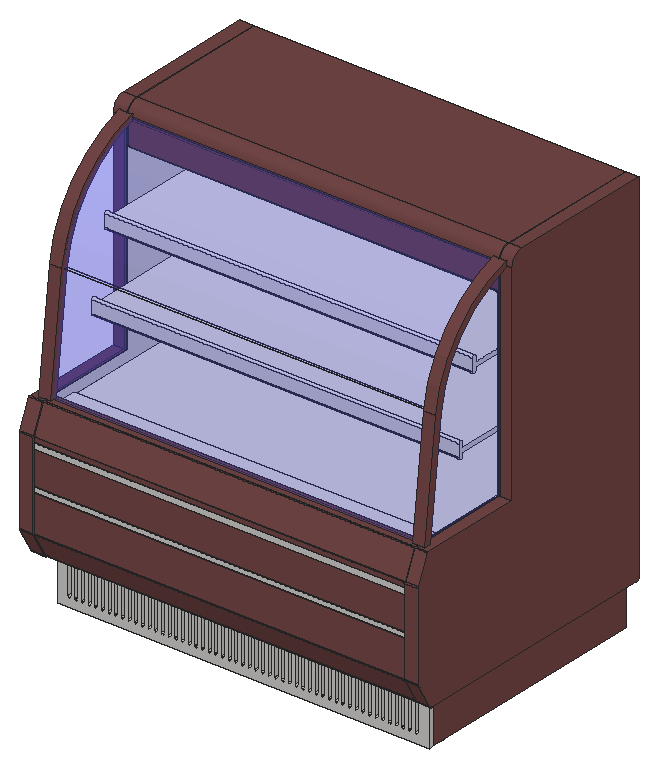
Revit family "QF_Turbo Air_TCGB-48-2", category Specialty Equipment, Revit 2014 (continued)
Automatic sketch dimensions
  plane 9 "BACK" to Extrusion 23 sketch curve = 0' - 5 1/8"
  Extrusion 23 sketch curve to plane 19 "Door Top" = 0' - 1 1/16"
  Extrusion 23 sketch curve to plane 13 "TOP" = 0' - 1 3/4"
  Extrusion 24 sketch curve to plane 11 "Inside Bottom" = 0' - 0"  (x2)
  Extrusion 24 sketch curve to plane 20 "Door Bottom" = 0' - 0 3/8"  (x2)
  Extrusion 24 sketch curve to plane 14 "Bottom Front" = 0' - 1 15/16"
  plane 9 "BACK" to Extrusion 24 sketch curve = 0' - 6 3/4"
  Extrusion 24 sketch curve to Extrusion 24 sketch curve = 0' - 0 1/16"
  Extrusion 24 sketch curve to Extrusion 24 sketch curve = 0' - 1 1/2"
  Extrusion 25 sketch curve to plane 17 "Lower Shelf" = 0' - 0"
  Extrusion 25 sketch curve to plane 18 "Upper Shelf" = 0' - 0"
  Extrusion 25 sketch curve to plane 17 "Lower Shelf" = 0' - 1"
  Extrusion 25 sketch curve to plane 14 "Bottom Front" = 0' - 4 3/8"
  Extrusion 25 sketch curve to Extrusion 25 sketch curve = 0' - 0 3/16"  (x4)
  Extrusion 25 sketch curve to plane 18 "Upper Shelf" = 0' - 1"
  Extrusion 25 sketch curve to plane 14 "Bottom Front" = 0' - 6 3/8"
  plane 9 "BACK" to Extrusion 25 sketch curve = 0' - 5 1/8"  (x2)
  Extrusion 25 sketch curve to plane 17 "Lower Shelf" = 0' - 0 5/8"
  plane 17 "Lower Shelf" to Extrusion 25 sketch curve = 0' - 0 9/16"
  Extrusion 25 sketch curve to Extrusion 25 sketch curve = 0' - 0 5/8"
  plane 18 "Upper Shelf" to Extrusion 25 sketch curve = 0' - 0 9/16"
  Extrusion 30 sketch curve to plane 9 "BACK" = 0' - 0"
  Extrusion 30 sketch curve to plane 1 "Handle Back" = 0' - 0"
  Extrusion 30 sketch curve to plane 17 "Lower Shelf" = 0' - 2 1/8"
  Extrusion 30 sketch curve to Extrusion 30 sketch curve = 0' - 0 1/2"  (x2)
  plane 18 "Upper Shelf" to Extrusion 30 sketch curve = 0' - 0 5/8"
  plane 9 "BACK" to Extrusion 31 sketch curve = 0' - 1 3/16"
  plane 1 "Handle Back" to Extrusion 31 sketch curve = 0' - 1 3/16"
  Extrusion 31 sketch curve to plane 17 "Lower Shelf" = 0' - 2 1/8"
  Extrusion 31 sketch curve to Extrusion 31 sketch curve = 0' - 0 1/2"  (x2)
  plane 18 "Upper Shelf" to Extrusion 31 sketch curve = 0' - 0 5/8"
  curve 11 to plane 7 "Inside Left" = 0' - 0"
  plane 1 "Handle Back" to curve 19 = 0' - 0"
  curve 17 to plane 8 "Inside Right" = 0' - 0"
  curve 16 to plane 8 "Inside Right" = 0' - 0"
  curve 19 to plane 16 "Door Right" = 0' - 1"
  curve 18 to curve 19 = 0' - 0 1/4"
  curve 13 to curve 24 = 0' - 0.25188"
  plane 14 "Bottom Front" to curve 23 = 0' - 0.39109"
  curve 22 to curve 12 = 0' - 0.07996"
  curve 21 to curve 12 = 0' - 0.07996"
  curve 9 to curve 6 = 0' - 0.07996"
  Extrusion 11 sketch curve to plane 15 "Door Left" = 0' - 0"
  Extrusion 11 sketch curve to plane 21 "CENTER LR" = 0' - 0"
  Extrusion 11 sketch curve to plane 16 "Door Right" = 0' - 0"
  Extrusion 11 sketch curve to Extrusion 11 sketch curve = 0' - 0 3/16"  (x52)
  Extrusion 11 sketch curve to Extrusion 11 sketch curve = 0' - 0 7/16"  (x50)
  Extrusion 11 sketch curve to Extrusion 11 sketch curve = 0' - 0 3/8"
  plane 6 "Bottom" to Extrusion 11 sketch curve = 0' - 1 1/4"  (x4)
  Extrusion 11 sketch curve to Extrusion 11 sketch curve = 0' - 0"  (x98)
  Extrusion 11 sketch curve to plane 12 "Panel Bottom" = 0' - 0 15/16"  (x4)
  radius of Extrusion 32 sketch curve = 0' - 0 9/16"  (x4)
  radius of Extrusion 33 sketch curve = 0' - 0 1/4"
Connectors (in)
  electrical at (7.68427, -0.6875, 6), driven by "Number of Poles", driven by "Volts", driven by "Apparent Power"
    settings: on Extrusion 33, index 1, voltage 115 V, apparent load 747.5 VA, apparent load phase1 0 VA, apparent load phase2 0 VA, apparent load phase3 0 VA, power factor 1, load classification "Other", number of poles 1, system type 30, power factor state 1, is connector primary yes, connector utility no, sub classification motor no, connector description "Electric"
